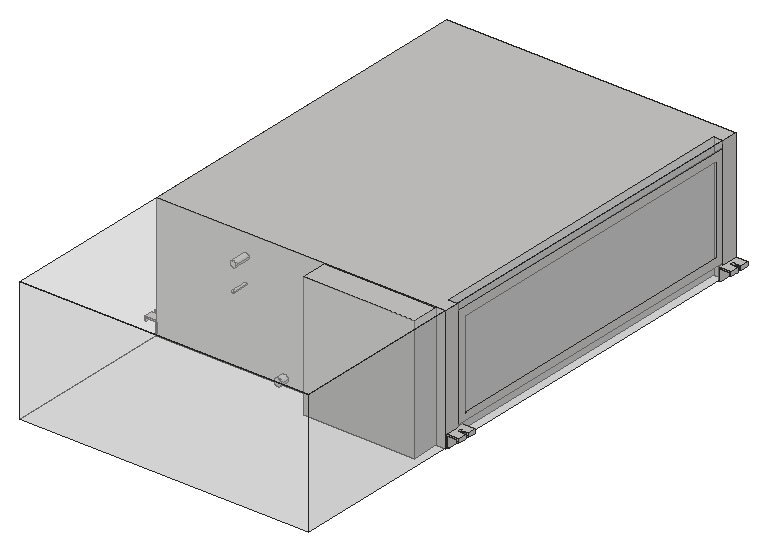
Revit family "outputfile", category 機械設備, Revit 2024
Family settings
  丸型コネクタ寸法 = 半径を使用
  パーツ タイプ = 標準
  OmniClass 番号 = 23.75.10.24.21.27.27
  OmniClass タイトル = Split System Air Conditioning Units
  作業面ベース = いいえ
  常に垂直 = はい
  ロード時にボイドで切り取り = いいえ
  注釈の向きを維持 = いいえ
  共有 = いいえ
  部屋計算ポイント = はい
Parameters (values of type "FXMQ96MFVJU")
  Description = ""
  製造元 = "Daikin"
  書き出し IFC クラス(タイプ) = "IfcUnitaryEquipmentType"
  定義済み IFC タイプ(タイプ) = "AIRCONDITIONINGUNIT"
  Cost = 0
  モデル = "FXMQ96MFVJU"
  Type Comments = ""
  Keynote = ""
  Type Image = (empty or 0)
  Assembly Code = ""
  w_dischargeflange = 1260.0 mm
  w_suctionflange = 1260.0 mm
  r_Liquid Pipe Size = Liquid Pipe Size / 2  # 4.75 mm
  r_Gas Pipe Size = Gas Pipe Size / 2  # 11.1 mm
  r_Drain Pipe Size = Drain Pipe Size / 2  # 13.8 mm
  lw_powersupply = 247.5 mm  # constant formula
  lw_mountinghole_pitch = 1148.0 mm  # constant formula
  lw_mountinghole = if(Depth = 744.0 mm, 29.5 mm, if(Depth = 1380.0 mm, 42.0 mm, 42.0 mm))  # 42.0 mm
  lw_liquidpipe = 760.0 mm  # constant formula
  lw_gaspipe = 760.0 mm  # constant formula
  lw_drainpipe = 613.0 mm  # constant formula
  lh_dischargeflange = 250.0 mm  # constant formula
  lh_powersupply = 20.0 mm  # constant formula
  lh_liquidpipe = 296.0 mm  # constant formula
  lh_gaspipe = 390.0 mm  # constant formula
  lh_drainpipe = 25.0 mm  # constant formula
  lh_suctionflange = 250.0 mm  # constant formula
  lh_antena = Height - lh_mountinghole + 1.0 mm  # 421.0 mm
  ld_dischargeflange = 690.0 mm
  ld_powersupply = 211.5 mm  # constant formula
  ld_mountinghole_pitch = if(Depth = 744.0 mm, 685.0 mm, if(Depth = 1380.0 mm, 1296.0 mm, 1296.0 mm))  # 1296.0 mm
  ld_suctionflange = 690.0 mm
  h_dischargeflange = 390.0 mm  # constant formula
  lh_mountinghole = 50.0 mm  # constant formula
  h_mountinghole = [h***] + lh_mountinghole  # 50.0 mm
  h_suctionflange = 390.0 mm  # constant formula
  h*** = 0.0 mm  # constant formula
  d_dischargeflange = 25.0 mm  # constant formula
  d_pipe = if(Depth = 744.0 mm, 61.0 mm, if(Depth = 1380.0 mm, 60.0 mm, 60.0 mm))  # 60.0 mm
  d_suctionflange = 25.0 mm  # constant formula
  Width = 1100.0 mm
  Voltage_comment_60Hz = "208-230"
  Voltage_60Hz = 208 V
  Version = "ver.1.0"
  Unit Type = "Outdoor Air Processing Unit"
  Unit Mass Weight = 123.00 kg
  Unit Designation [instance] = ""
  Uniclass2015Version = "Products v1.30"
  Uniclass2015Title = "Variable refrigerant flow units"
  Uniclass2015Code = "Pr_70_65_03_94"
  URL = ""
  Total Heating Capacity [instance] = 0.000 kW
  Total Cooling Capacity [instance] = 0.000 kW
  Supply Air Direction [instance] = yes
  Sound Pressure Level_M speed (dBA) = 0
  Sound Pressure Level_L speed (dBA) = 0
  Sound Pressure Level_H speed (dBA) = 48
  Sound Power Level_H speed (dB) = 0
  Series = "VRV Fan Coil Unit"
  Sensible Cooling Capacity [instance] = 0.000 kW
  SA Duct Size Width = 1200.0 mm
  SA Duct Size Height = 330.0 mm
  Refrigerant Type = "R410A"
  Power Input (Heating) = 0.638 kW
  Power Input (Cooling) = 0.638 kW
  Phase_60Hz = 1
  Option Accessory 3 [instance] = ""
  Option Accessory 2 [instance] = ""
  Option Accessory 1 [instance] = ""
  OA Duct Size Width = 1200.0 mm
  OA Duct Size Height = 330.0 mm
  Nominal Heating Capacity = 17.400 kW
  Nominal Cooling Capacity = 28.000 kW
  Minimum External Static Pressure = 0.00 Pa
  Minimum Circuit Amps_60Hz = 4.1 A
  Minimum Airflow = 0.00 m³/h
  Median Airflow = 0.00 m³/h
  Maximum Fuse Amps_60Hz = 15.0 A
  Maximum External Static Pressure = 257.00 Pa
  Maximum Airflow = 2100.00 m³/h
  Material_Casing = DAIKIN_GalvanizedSteel_Casing_indoorunit
  Load Classification = HVAC
  Liquid Pipe Size = 9.5 mm
  Link_Nested Family [instance] = ""
  IfcVersion = "0"
  IfcExportType = "AIRCONDITIONINGUNIT"
  IfcExportAs = "IfcUnitaryEquipmentType"
  Height = 470.0 mm
  Heating Entering Wet Bulb Temperature [instance] = 0.00 °C
  Heating Entering Dry Bulb Temperature [instance] = 0.00 °C
  Heating Ambient Wet Bulb Temperature [instance] = 0.00 °C
  Heating Ambient Dry Bulb Temperature [instance] = 0.00 °C
  Heat Exchanger Type = "Cross Fin Coil"
  Gas Pipe Size = 22.2 mm
  Frequency_60Hz = 60 Hz
  Fan Type = "Sirocco Fan"
  Fan Drive = "Direct Drive"
  FCU Tag No. [instance] = ""
  Drain Pipe Size = 27.6 mm
  Design Supply Airflow [instance] = 0.00 m³/h
  Design Outdoor Airflow [instance] = 0.00 m³/h
  Design External Static Pressure [instance] = 0.00 Pa
  Depth = 1380.0 mm
  既定の高さ = 0.0 mm
  Cooling Entering Wet Bulb Temperature [instance] = 0.00 °C
  Cooling Entering Dry Bulb Temperature [instance] = 0.00 °C
  Cooling Ambient Wet Bulb Temperature [instance] = 0.00 °C
  Cooling Ambient Dry Bulb Temperature [instance] = 0.00 °C
  Clearance visibility [instance] = yes
  Clearance Top = 0.0 mm
  Clearance Right = 0.0 mm
  Clearance Rear = 0.0 mm
  Clearance Left = 0.0 mm
  Clearance Front = 650.0 mm
  Clearance Bottom = 0.0 mm
Reference planes
  plane 1 "Center (Front/Back)": y = 0
  plane 2: z = 0
  plane 3 "Center (Left/Right)": x = 0
  plane 4 "Back": y = 690
  plane 5 "Front": y = -690
  plane 6 "Left": x = -550
  plane 7 "Right": x = 550
  plane 8 "Top": z = 0
  plane 9 "Bottom": z = -470
  plane 10: y = 690
  plane 11: y = -1340
  plane 12: x = 550
  plane 13: x = -550
  plane 14: z = 0
  plane 15: z = -470
  plane 16: y = -792
  plane 17: y = -720
  plane 18: y = -750
  plane 19 "ld_drainpipe": x = -63
  plane 20 "ld_liquidpipe": x = -210
  plane 21 "ld_gaspipe": x = -210
  plane 22 "lh_gaspipe": z = -80
  plane 23 "lh_drainpipe": z = -445
  plane 24 "lh_liquidpipe": z = -174
  plane 25 "h_mountinghole": z = -420
  plane 26 "lh_powersuply": z = -450
  plane 27 "lh_suctionflange": z = -220
  plane 28 "ld_suctionflange": y = 0
  plane 29 "ld_dischargeflange": y = 0
  plane 30 "lh_dischargeflange": z = -220
  plane 31 "control box1": x = 514
  plane 32 "control box2": x = 91
  plane 33: y = -741
  plane 34 "lw_powersupply": x = 302.5
  plane 35: y = 648
  plane 36: y = -648
  plane 37: x = -574
  plane 38: x = 574
  plane 39 "w_suctionflange1": y = 630
  plane 40 "w_suctionflange2": y = -630
Forms (mm)
  Extrusion 1, solid, material "DAIKIN_GalvanizedSteel_Casing_indoorunit" <- "Material_Casing"
    sketch origin (0, 0, 0) x (1, 0, 0) y (0, 0, 1)
      loop
        line (-550, 0) -> (-550, -470) -> (550, -470) -> (550, 0) -> (-550, 0)
    from -690 to 690
  Extrusion 2, solid, material "DAIKIN_GalvanizedSteel_Casing_indoorunit" <- "Material_Casing"
    sketch origin (0, 0, 0) x (1, 0, 0) y (0, 0, 1)
      loop
        line (91, -470) -> (514, -470) -> (514, 0) -> (91, 0) -> (91, -470)
    from 690 to 792
  Extrusion 3, solid, material "DAIKIN_GalvanizedSteel_Casing_indoorunit" <- "Material_Casing"
    sketch origin (0, 0, 0) x (1, 0, 0) y (0, 0, 1)
      loop
        circle (-210, -174) r 4.75
      loop
        circle (-210, -80) r 11.1
    from 690 to 750
  Extrusion 4, solid, material "DAIKIN_GalvanizedSteel_Casing_indoorunit" <- "Material_Casing"
    sketch origin (63, 0, 0) x (1, 0, 0) y (0, 0, 1)
      loop
        circle (-126, -445) r 13.8
    from 690 to 720
  Extrusion 5, void
    sketch origin (0, 0, 0) x (0, 1, 0) y (0, 0, 1)
      loop
        line (-630, 545) -> (-630, -985) -> (630, -985) -> (630, 545) -> (-630, 545)
    from 514 to 550
Cuts and joins
  Extrusion 5 cuts Extrusion 1
Dimensions and locks
  "Height": plane 8 "Top" to plane 9 "Bottom"
  equal spacing: plane 6 "Left", plane 3 "Center (Left/Right)", plane 7 "Right"
  "Width": plane 6 "Left" to plane 7 "Right"
  equal spacing: plane 4 "Back", plane 1 "Center (Front/Back)", plane 5 "Front"
  "Depth": plane 4 "Back" to plane 5 "Front"
  "Clearance Left": plane 13 to plane 6 "Left"
  "Clearance Right": plane 7 "Right" to plane 12
  "Clearance Rear": plane 10 to plane 4 "Back"
  "Clearance Front": plane 5 "Front" to plane 11
  "Clearance Top": plane 14 to plane 8 "Top"
  "Clearance Bottom": plane 9 "Bottom" to plane 15
  locked: plane 5 "Front" to plane 16 at 102
  "d_pipe": plane 5 "Front" to plane 18
  "lw_drainpipe": plane 19 "ld_drainpipe" to plane 7 "Right"
  "lw_liquidpipe": plane 20 "ld_liquidpipe" to plane 7 "Right"
  "lw_gaspipe": plane 21 "ld_gaspipe" to plane 7 "Right"
  "lh_gaspipe": plane 22 "lh_gaspipe" to plane 9 "Bottom"
  "lh_liquidpipe": plane 24 "lh_liquidpipe" to plane 9 "Bottom"
  "lh_drainpipe": plane 23 "lh_drainpipe" to plane 9 "Bottom"
  "lh_mountinghole": plane 25 "h_mountinghole" to plane 9 "Bottom"
  "lh_powersupply": plane 26 "lh_powersuply" to plane 9 "Bottom"
  "lh_suctionflange": plane 27 "lh_suctionflange" to plane 9 "Bottom"
  "ld_suctionflange": plane 28 "ld_suctionflange" to plane 5 "Front"
  "ld_dischargeflange": plane 4 "Back" to plane 29 "ld_dischargeflange"
  "lh_dischargeflange": plane 30 "lh_dischargeflange" to plane 9 "Bottom"
  locked: plane 5 "Front" to plane 17 at 30
  locked: plane 32 "control box2" to plane 31 "control box1" at 423
  locked: plane 31 "control box1" to plane 7 "Right" at 36
  "lw_powersupply": plane 34 "lw_powersupply" to plane 7 "Right"
  equal spacing: plane 37, plane 3 "Center (Left/Right)", plane 38
  "lw_mountinghole_pitch": plane 37 to plane 38
  "lw_mountinghole": plane 36 to plane 5 "Front"
  "ld_mountinghole_pitch": plane 35 to plane 36
  equal spacing: plane 5 "Front", plane 33, plane 16, locked at 51 each
  equal spacing: plane 39 "w_suctionflange1", plane 29 "ld_dischargeflange", plane 40 "w_suctionflange2"
  "w_suctionflange": plane 39 "w_suctionflange1" to plane 40 "w_suctionflange2"
  "r_Liquid Pipe Size": radius of Extrusion 3 sketch curve
  "r_Gas Pipe Size": radius of Extrusion 3 sketch curve
  "r_Drain Pipe Size": radius of Extrusion 4 sketch curve
  aligned and locked: level to plane 2
  aligned and locked: Extrusion 1 sketch curve to plane 8 "Top"
  aligned and locked: Extrusion 1 sketch curve to plane 6 "Left"
  aligned and locked: plane 9 "Bottom" to Extrusion 1 sketch curve
  aligned and locked: Extrusion 1 sketch curve to plane 7 "Right"
  aligned and locked: plane 4 "Back" to Extrusion 1
  aligned and locked: Extrusion 1 to plane 5 "Front"
  aligned and locked: plane 10 to nested 1
  aligned and locked: plane 11 to nested 1
  aligned and locked: plane 12 to nested 1
  aligned and locked: nested 1 to plane 13
  aligned and locked: plane 15 to nested 1
  aligned and locked: plane 14 to nested 1
  aligned and locked: Extrusion 2 to plane 16
  aligned and locked: plane 5 "Front" to Extrusion 2
  aligned and locked: plane 24 "lh_liquidpipe" to Extrusion 3 sketch curve
  aligned and locked: plane 20 "ld_liquidpipe" to Extrusion 3 sketch curve
  aligned and locked: plane 21 "ld_gaspipe" to Extrusion 3 sketch curve
  aligned and locked: plane 22 "lh_gaspipe" to Extrusion 3 sketch curve
  aligned and locked: Extrusion 3 to plane 18
  aligned and locked: plane 5 "Front" to Extrusion 3
  aligned and locked: nested 2 to plane 5 "Front"
  aligned and locked: nested 2 to plane 19 "ld_drainpipe"
  aligned and locked: plane 23 "lh_drainpipe" to nested 2
  aligned and locked: nested 3 to plane 5 "Front"
  aligned and locked: nested 4 to plane 5 "Front"
  aligned and locked: plane 24 "lh_liquidpipe" to nested 3
  aligned and locked: plane 22 "lh_gaspipe" to nested 4
  aligned and locked: plane 25 "h_mountinghole" to nested 5
  aligned and locked: plane 25 "h_mountinghole" to nested 6
  aligned and locked: nested 7 to plane 25 "h_mountinghole"
  aligned and locked: nested 8 to plane 25 "h_mountinghole"
  aligned and locked: nested 13 to plane 26 "lh_powersuply"
  aligned and locked: plane 1 "Center (Front/Back)" to nested 14
  aligned and locked: nested 14 to plane 3 "Center (Left/Right)"
  aligned and locked: nested 15 to plane 29 "ld_dischargeflange"
  aligned and locked: nested 15 to plane 6 "Left"
  aligned and locked: plane 30 "lh_dischargeflange" to nested 15
  aligned and locked: nested 16 to plane 6 "Left"
  aligned and locked: nested 16 to plane 29 "ld_dischargeflange"
  aligned and locked: plane 28 "ld_suctionflange" to nested 17
  aligned and locked: nested 17 to plane 27 "lh_suctionflange"
  aligned and locked: nested 16 to plane 30 "lh_dischargeflange"
  aligned and locked: nested 3 to plane 20 "ld_liquidpipe"
  aligned and locked: nested 4 to plane 21 "ld_gaspipe"
  aligned and locked: Extrusion 2 sketch curve to plane 31 "control box1"
  aligned and locked: Extrusion 2 sketch curve to plane 32 "control box2"
  aligned and locked: Extrusion 2 sketch curve to plane 14
  aligned and locked: Extrusion 2 sketch curve to plane 15
  aligned and locked: plane 19 "ld_drainpipe" to Extrusion 4 sketch curve
  aligned and locked: plane 23 "lh_drainpipe" to Extrusion 4 sketch curve
  aligned and locked: Extrusion 4 to plane 17
  aligned and locked: nested 13 to plane 34 "lw_powersupply"
  aligned and locked: plane 33 to nested 13
  aligned and locked: nested 5 to plane 35
  aligned and locked: plane 35 to nested 7
  aligned and locked: nested 6 to plane 36
  aligned and locked: plane 36 to nested 8
  aligned and locked: nested 18 to plane 1 "Center (Front/Back)"
  aligned and locked: plane 27 "lh_suctionflange" to nested 18
  aligned and locked: Extrusion 5 sketch curve to plane 39 "w_suctionflange1"
  aligned and locked: Extrusion 5 sketch curve to plane 40 "w_suctionflange2"
  aligned and locked: plane 7 "Right" to Extrusion 5
  aligned and locked: plane 7 "Right" to nested 18
  aligned and locked: plane 3 "Center (Left/Right)" to nested 17
  aligned and locked: nested 11 to plane 37
  aligned and locked: nested 12 to plane 38
  aligned and locked: nested 10 to plane 37
  aligned and locked: nested 9 to plane 38
  aligned and locked: nested 5 to plane 6 "Left"
  aligned and locked: nested 7 to plane 7 "Right"
  aligned and locked: nested 8 to plane 7 "Right"
  aligned and locked: nested 9 to plane 36
  aligned and locked: nested 10 to plane 36
  aligned and locked: nested 12 to plane 35
  aligned and locked: nested 11 to plane 35
  aligned and locked: Extrusion 5 to Extrusion 2
  aligned and locked: plane 5 "Front" to Extrusion 4
Automatic sketch dimensions
  level to Extrusion 5 sketch curve = 545.0 mm
  Extrusion 5 sketch curve to plane 9 "Bottom" = 515.0 mm
Nested families
  nested 1: "daikin_clearancespace" at (0, -325, -234.881), visible <- "Clearance visibility", show <- "Clearance visibility", Link_Nested Family <- "Link_Nested Family", type "daikin_clearancespace"
    with width 1100.0 mm, show yes, height 470.0 mm, depth 2030.0 mm, Link_Nested Family ""
  nested 2: "daikin_connector_rotate2" at (-63, -690, -445), radius <- "r_Drain Pipe Size", type "daikin_connector_rotate2"
    with radius 13.8 mm, length 30.0 mm, angle_vertical 90.00°, show_face no
  nested 3: "daikin_connector_rotate2" at (-210, -690, -174), length <- "d_pipe", radius <- "r_Liquid Pipe Size", type "daikin_connector_rotate2"
    with radius 4.75 mm, length 60.0 mm, angle_vertical 90.00°, show_face no
  nested 4: "daikin_connector_rotate2" at (-210, -690, -80), length <- "d_pipe", radius <- "r_Gas Pipe Size", type "daikin_connector_rotate2"
    with radius 11.1 mm, length 60.0 mm, angle_vertical 90.00°, show_face no
  nested 5: "daikin_hangerfixture_FXMQ-MFVJU" at (-550, 648, -420) x (0, -1, 0) z (0, 0, 1), type "daikin_hangerfixture_FXMQ-MFVJU"
    with width 80.0 mm, D 1380.0 mm
  nested 6: "daikin_hangerfixture_FXMQ-MFVJU" at (-550, -648, -420) x (0, -1, 0) z (0, 0, 1), type "daikin_hangerfixture_FXMQ-MFVJU"
    with width 80.0 mm, D 1380.0 mm
  nested 7: "daikin_hangerfixture_FXMQ-MFVJU" at (550, 648, -420) x (0, -1, 0) z (0, 0, 1), type "daikin_hangerfixture_FXMQ-MFVJU"
    with width 80.0 mm, D 1380.0 mm
  nested 8: "daikin_hangerfixture_FXMQ-MFVJU" at (550, -648, -420) x (0, -1, 0) z (0, 0, 1), type "daikin_hangerfixture_FXMQ-MFVJU"
    with width 80.0 mm, D 1380.0 mm
  nested 9: "daikin_mountinghole" at (574, -648, -470), Link_Nested Family <- "Link_Nested Family", l_antenna <- "lh_antena", h_mountinghole <- "h_mountinghole", type "daikin_mountinghole"
    with show yes, l_antenna 421.0 mm, h_mountinghole 50.0 mm, Link_Nested Family ""
  nested 10: "daikin_mountinghole" at (-574, -648, -470), Link_Nested Family <- "Link_Nested Family", l_antenna <- "lh_antena", h_mountinghole <- "h_mountinghole", type "daikin_mountinghole"
    with show yes, l_antenna 421.0 mm, h_mountinghole 50.0 mm, Link_Nested Family ""
  nested 11: "daikin_mountinghole" at (-574, 648, -470), Link_Nested Family <- "Link_Nested Family", l_antenna <- "lh_antena", h_mountinghole <- "h_mountinghole", type "daikin_mountinghole"
    with show yes, l_antenna 421.0 mm, h_mountinghole 50.0 mm, Link_Nested Family ""
  nested 12: "daikin_mountinghole" at (574, 648, -470), Link_Nested Family <- "Link_Nested Family", l_antenna <- "lh_antena", h_mountinghole <- "h_mountinghole", type "daikin_mountinghole"
    with show yes, l_antenna 421.0 mm, h_mountinghole 50.0 mm, Link_Nested Family ""
  nested 13: "daikin_connector_rotate2" at (302.5, -741, -450) x (0, 1, 0) z (0, 0, 1), length <- "ld_powersupply", type "daikin_connector_rotate2"
    with radius 10.0 mm, length 211.5 mm, angle_vertical 90.00°, show_face no
  nested 14: "daikin_△_symbolicline" at (0, 0, 470) x (0, -1, 0) z (0, 0, 1), visible <- "Supply Air Direction", built-in parameter 1001364 <- "Height", type "daikin_△_symbolicline"
    with length 300.0 mm
  nested 15: "daikin_ductflange_FXMQ-MFVJU_1" at (-550, 0, -415) x (0, -1, 0) z (0, 0, 1), material <- "Material_Casing", depth <- "d_dischargeflange", height <- "h_dischargeflange", width <- "w_dischargeflange", type "daikin_ductflange_FXMQ-MFVJU_1"
    with width 1260.0 mm, top1 30.0 mm, right1 30.0 mm, material DAIKIN_GalvanizedSteel_Casing_indoorunit, left1 30.0 mm, height 390.0 mm, depth 25.0 mm, Bottom1 30.0 mm
  nested 16: "daikin_connector_rotate2" at (-550, 0, -220) x (0, -1, 0) z (0, 0, 1), length <- "d_dischargeflange", type "daikin_connector_rotate2"
    with radius 10.0 mm, length 25.0 mm, angle_vertical 90.00°, show_face no
  nested 17: "daikin_connector_rotate2" at (0, 0, -220) x (0, 1, 0) z (0, 0, 1), type "daikin_connector_rotate2"
    with radius 10.0 mm, length 550.0 mm, angle_vertical 90.00°, show_face no
  nested 18: "daikin_ductflange_FXMQ-MFVJU_2" at (549, 0, -415) x (0, 1, 0) z (0, 0, 1), width <- "w_suctionflange", height <- "h_suctionflange", type "daikin_ductflange_FXMQ-MFVJU_2"
    with width 1260.0 mm, height 390.0 mm, depth 1.0 mm
Connectors
  piping at (-210, -750, -174), diameter 9.5, driven by "r_Liquid Pipe Size"
    settings: on nested 3, index 2, connector inside diameter 609.6 mm, connector length 0.0 mm, flow factor 0, pipe flow 0.00 m³/h, pressure drop 0.0 Pa, fitting loss kfactor 0, connector angle 0.00°, fixture units 0, engagement length 0.0 mm, angle of deflection 0.00°, flow configuration 1, flow direction 1, fitting loss method 0, system type 29, joint type 0, gender type 0, connector reference index -1, connector utility 0, adjustable connector no, is connector primary yes, connector description "Refrigerant Liquid Piping"
  piping at (-210, -750, -80), diameter 22.2, driven by "r_Gas Pipe Size"
    settings: on nested 4, index 3, connector inside diameter 609.6 mm, connector length 0.0 mm, flow factor 0, pipe flow 0.00 m³/h, pressure drop 0.0 Pa, fitting loss kfactor 0, connector angle 0.00°, fixture units 0, engagement length 0.0 mm, angle of deflection 0.00°, flow configuration 1, flow direction 2, fitting loss method 0, system type 29, joint type 0, gender type 0, connector reference index -1, connector utility 0, adjustable connector no, is connector primary no, connector description "Refrigerant Gas Piping"
  electrical at (514, -741, -450), driven by "Load Classification"
    settings: on nested 13, index 4, voltage 0 V, apparent load 0 VA, apparent load phase1 0 VA, apparent load phase2 0 VA, apparent load phase3 0 VA, power factor 1, load classification "HVAC", number of poles 1, system type 30, power factor state 1, is connector primary yes, connector utility no, sub classification motor no, connector description "Power Supply"
  hvac at (-575, 0, -220), driven by "SA Duct Size Height", driven by "SA Duct Size Width"
    settings: on nested 15, index 6, duct flow 0.00 m³/h, flow factor 0, pres drop 0.00 Pa, loss coef 0, conn angle 0.00°, conn width 1200.0 mm, conn height 330.0 mm, conn diameter 609.6 mm, duct sys type 1, conn prof type 1, flow config 0, flow direction 2, loss method 4, conn ref index -1, conn util no, is conn primary yes, conn desc "SA Duct"
  piping at (-63, -720, -445), diameter 27.6, driven by "r_Drain Pipe Size"
    settings: on Extrusion 4, index 7, connector inside diameter 609.6 mm, connector length 0.0 mm, flow factor 0, pipe flow 0.00 m³/h, pressure drop 0.0 Pa, fitting loss kfactor 0, connector angle 0.00°, fixture units 0, engagement length 0.0 mm, angle of deflection 0.00°, flow configuration 1, flow direction 2, fitting loss method 4, system type 16, joint type 0, gender type 0, connector reference index -1, connector utility 0, adjustable connector no, is connector primary no, connector description "Condensate Drain Piping"
  hvac at (550, 0, -220), driven by "OA Duct Size Height", driven by "OA Duct Size Width"
    settings: on nested 18, index 8, duct flow 0.00 m³/h, flow factor 0, pres drop 0.00 Pa, loss coef 0, conn angle 0.00°, conn width 1200.0 mm, conn height 330.0 mm, conn diameter 609.6 mm, duct sys type 1, conn prof type 1, flow config 0, flow direction 1, loss method 4, conn ref index -1, conn util no, is conn primary no, conn desc "OA Duct"
Definition of nested family "daikin_clearancespace"
  Parameters (values of type "daikin_clearancespace")
    width [instance] = 1823.963 mm
    show [instance] = yes
    material = none
    height [instance] = 1359.762 mm
    depth [instance] = 880.0 mm
    Default Elevation = 0.0 mm
    Link_Nested Family [instance] = ""
  Reference planes
    plane 1 "Center (Front/Back)": y = 0
    plane 2 "Center (Elevation)": z = -0.119
    plane 3 "Center (Left/Right)": x = 0
    plane 4: y = 440
    plane 5: y = -440
    plane 6 "Right": x = 911.982
    plane 7 "Left": x = -911.982
    plane 8 "Top": z = 679.762
    plane 9 "Bottom": z = -680
  Forms (mm)
    Extrusion 1, solid, material <- "material", visible <- "show"
      sketch origin (0, 0, 0) x (1, 0, 0) y (0, 1, 0)
        loop
          line (-911.982, 440) -> (-911.982, -440) -> (911.982, -440) -> (911.982, 440) -> (-911.982, 440)
      from -680 to 679.762
  Lines and regions (mm)
    symbolic lines, visible <- "show"
      curve 1: line (911.982, 440, 0) -> (-911.982, 440, 0)
      curve 2: line (-911.982, 440, 0) -> (-911.982, -440, 0)
      curve 3: line (-911.982, -440, 0) -> (911.982, -440, 0)
      curve 4: line (911.982, -440, 0) -> (911.982, 440, 0)
      curve 5: line (911.982, 0, 679.762) -> (-911.982, 0, 679.762)
      curve 6: line (911.982, 0, -680) -> (911.982, 0, 679.762)
      curve 7: line (-911.982, 0, -680) -> (911.982, 0, -680)
      curve 8: line (-911.982, 0, 679.762) -> (-911.982, 0, -680)
      curve 9: line (0, 440, 679.762) -> (0, -440, 679.762)
      curve 10: line (0, -440, 679.762) -> (0, -440, -680)
      curve 11: line (0, 440, -680) -> (0, 440, 679.762)
      curve 12: line (0, -440, -680) -> (0, 440, -680)
  Dimensions and locks
    "width": plane 7 "Left" to plane 6 "Right"
    "depth": plane 4 to plane 5
    "height": plane 8 "Top" to plane 9 "Bottom"
    equal spacing: plane 7 "Left", plane 3 "Center (Left/Right)", plane 6 "Right"
    equal spacing: plane 4, plane 1 "Center (Front/Back)", plane 5
    equal spacing: plane 8 "Top", plane 2 "Center (Elevation)", plane 9 "Bottom"
    aligned and locked: level to plane 2 "Center (Elevation)"
    aligned and locked: Extrusion 1 sketch curve to plane 4
    aligned and locked: plane 7 "Left" to Extrusion 1 sketch curve
    aligned and locked: Extrusion 1 sketch curve to plane 5
    aligned and locked: Extrusion 1 sketch curve to plane 6 "Right"
    aligned and locked: plane 8 "Top" to Extrusion 1
    aligned and locked: curve 1 to Extrusion 1
    aligned and locked: curve 2 to Extrusion 1
    aligned and locked: curve 3 to Extrusion 1
    aligned and locked: curve 4 to Extrusion 1
    aligned and locked: curve 5 to Extrusion 1
    aligned and locked: curve 6 to Extrusion 1
    aligned and locked: curve 7 to Extrusion 1
    aligned and locked: curve 8 to Extrusion 1
    aligned and locked: curve 9 to Extrusion 1
    aligned and locked: curve 10 to Extrusion 1
    aligned and locked: curve 11 to Extrusion 1
    aligned and locked: curve 12 to Extrusion 1
    aligned and locked: Extrusion 1 to plane 9 "Bottom"
Definition of nested family "daikin_hangerfixture_FXMQ-MFVJU"
  Parameters (values of type "daikin_hangerfixture_CeilingMountedDuct")
    width = if(D = 744.0 mm, 55.0 mm, if(D = 1380.0 mm, 80.0 mm, 80.0 mm))  # 55.0 mm
    material = none
    height = 50.0 mm
    depth = 47.0 mm
    Default Elevation = 0.0 mm
    D = 744.0 mm
  Reference planes
    plane 1 "Center (Front/Back)": y = 0
    plane 2: z = 0
    plane 3 "Center (Left/Right)": x = 0
    plane 4: y = 417.146
    plane 5: y = -47
    plane 6: x = -27.5
    plane 7: x = 27.5
    plane 8: z = -5
    plane 9: z = -50
    plane 10: y = -5
    plane 11: y = -42
    plane 12: y = -24
    plane 13: z = -15
  Forms (mm)
    Extrusion 1, solid, material <- "material"
      sketch origin (0, 0, 0) x (1, 0, 0) y (0, 1, 0)
        loop
          line (27.5, 0) -> (-27.5, 0) -> (-27.5, -47) -> (-7, -47) -> (-7, -24)
          arc (-7, -24) -> (0, -17) -> (7, -24) r 7
          line (7, -24) -> (7, -47) -> (27.5, -47) -> (27.5, 0)
      from 0 to -5
    Extrusion 2, solid, material <- "material"
      sketch origin (0, 0, 0) x (1, 0, 0) y (0, 0, 1)
        loop
          line (27.5, -40) -> (27.5, 0) -> (-27.5, 0) -> (-27.5, -40)
          arc (-27.5, -40) -> (-24.571, -47.071) -> (-17.5, -50) r 10
          line (-17.5, -50) -> (17.5, -50)
          arc (17.5, -50) -> (24.571, -47.071) -> (27.5, -40) r 10
      from 0 to 5
    Extrusion 3, solid, material <- "material"
      sketch origin (0, 0, 0) x (1, 0, 0) y (0, 0, 1)
        loop
          line (-7, -12) -> (-7, 0) -> (-27.5, 0) -> (-27.5, -12)
          arc (-27.5, -12) -> (-26.621, -14.121) -> (-24.5, -15) r 3
          line (-24.5, -15) -> (-10, -15)
          arc (-10, -15) -> (-7.879, -14.121) -> (-7, -12) r 3
        loop
          line (7, 0) -> (7, -12)
          arc (7, -12) -> (7.879, -14.121) -> (10, -15) r 3
          line (10, -15) -> (24.5, -15)
          arc (24.5, -15) -> (26.621, -14.121) -> (27.5, -12) r 3
          line (27.5, -12) -> (27.5, 0) -> (7, 0)
      from 42 to 47
  Cuts and joins
    joined: Extrusion 1, Extrusion 2, Extrusion 3
  Dimensions and locks
    "width": plane 6 to plane 7
    "depth": plane 5 to plane 1 "Center (Front/Back)"
    locked: plane 2 to plane 8 at 5
    "height": plane 2 to plane 9
    locked: plane 10 to plane 1 "Center (Front/Back)" at 5
    locked: plane 11 to plane 5 at 5
    locked: plane 2 to plane 13 at 15
    equal spacing: plane 6, plane 3 "Center (Left/Right)", plane 7
    plane 12 to plane 1 "Center (Front/Back)" = 24.0 mm
    aligned and locked: level to plane 2
    aligned and locked: Extrusion 1 sketch curve to plane 1 "Center (Front/Back)"
    aligned and locked: plane 7 to Extrusion 1
    aligned and locked: Extrusion 1 to plane 6
    aligned and locked: Extrusion 1 to plane 5  (x2)
    aligned and locked: Extrusion 1 to plane 8
    aligned and locked: plane 2 to Extrusion 1
    aligned and locked: plane 2 to Extrusion 2 sketch curve
    aligned and locked: Extrusion 2 to plane 10
    aligned and locked: Extrusion 2 to plane 1 "Center (Front/Back)"
    aligned and locked: plane 2 to Extrusion 3 sketch curve  (x2)
    aligned and locked: plane 11 to Extrusion 3
    aligned and locked: Extrusion 3 to plane 5
    aligned and locked: plane 9 to Extrusion 2 sketch curve
    aligned and locked: cut or joined group of Extrusion 1, Extrusion 2, Extrusion 3 to plane 13  (x2)
    aligned and locked: plane 3 "Center (Left/Right)" to Extrusion 1 sketch curve
    aligned and locked: cut or joined group of Extrusion 1, Extrusion 2, Extrusion 3 to cut or joined group of Extrusion 1, Extrusion 2, Extrusion 3  (x2)
  Automatic sketch dimensions
    Extrusion 1 sketch curve to plane 6 = 0.0 mm
    Extrusion 1 sketch curve to plane 5 = 0.0 mm  (x2)
    Extrusion 1 sketch curve to plane 7 = 0.0 mm
    Extrusion 1 sketch curve to plane 3 "Center (Left/Right)" = 7.0 mm
    Extrusion 2 sketch curve to plane 7 = 0.0 mm
    Extrusion 2 sketch curve to plane 7 = 10.0 mm
    plane 6 to Extrusion 2 sketch curve = 10.0 mm
    Extrusion 2 sketch curve to plane 6 = 0.0 mm
    Extrusion 3 sketch curve to plane 6 = 0.0 mm
    Extrusion 3 sketch curve to plane 7 = 0.0 mm
    Extrusion 3 sketch curve to Extrusion 3 sketch curve = 3.0 mm  (x3)
    Extrusion 3 sketch curve to plane 8 = 7.0 mm
    Extrusion 3 sketch curve to plane 3 "Center (Left/Right)" = 7.0 mm
    plane 3 "Center (Left/Right)" to Extrusion 3 sketch curve = 7.0 mm
    Extrusion 3 sketch curve to plane 7 = 3.0 mm
    Extrusion 3 sketch curve to plane 8 = 10.0 mm
    Extrusion 1 sketch curve to plane 12 = 0.0 mm
Definition of nested family "daikin_ductflange_FXMQ-MFVJU_1"
  Parameters (values of type "daikin_ductflange_FXMQ-MFV1")
    width [instance] = 670.0 mm
    right1 [instance] = 22.5 mm
    left1 [instance] = 22.5 mm
    Bottom1 [instance] = 25.0 mm
    material [instance] = none
    height [instance] = 272.0 mm
    depth [instance] = 25.0 mm
    top1 [instance] = 25.0 mm
    Default Elevation = 0.0 mm
  Reference planes
    plane 1 "Center (Front/Back)": y = 0
    plane 2: z = 0
    plane 3 "Center (Left/Right)": x = 0
    plane 4: y = -25
    plane 5: x = -335
    plane 6: x = 335
    plane 7 "Top": z = 272
    plane 8: y = -1
    plane 9: x = -312.5
    plane 10: x = 312.5
    plane 11: z = 247
    plane 12: z = 25
    plane 13 "Center (Elevation)": z = 136
  Forms (mm)
    Extrusion 1, solid, material <- "material"
      sketch origin (0, 0, 0) x (1, 0, 0) y (0, 0, 1)
        loop
          line (-335, 272) -> (-335, 0) -> (335, 0) -> (335, 272) -> (-335, 272)
        loop
          line (-312.5, 247) -> (-312.5, 25) -> (312.5, 25) -> (312.5, 247) -> (-312.5, 247)
      from 0 to 1
    Extrusion 2, solid, material <- "material"
      sketch origin (0, 0, 0) x (1, 0, 0) y (0, 1, 0)
        loop
          line (-312.5, -1) -> (-317.5, -1) -> (-317.5, -25) -> (-312.5, -25) -> (-312.5, -1)
        loop
          line (312.5, -1) -> (312.5, -25) -> (317.5, -25) -> (317.5, -1) -> (312.5, -1)
      from 0 to 272
    Extrusion 3, solid, material <- "material"
      sketch origin (0, 0, 0) x (0, 1, 0) y (0, 0, 1)
        loop
          line (-1, 247) -> (-1, 252) -> (-25, 252) -> (-25, 247) -> (-1, 247)
        loop
          line (-1, 25) -> (-25, 25) -> (-25, 20) -> (-1, 20) -> (-1, 25)
      from -312.5 to 312.5
  Cuts and joins
    joined: Extrusion 1, Extrusion 2, Extrusion 3
  Dimensions and locks
    "height": plane 7 "Top" to plane 2
    "width": plane 5 to plane 6
    equal spacing: plane 5, plane 3 "Center (Left/Right)", plane 6
    "depth": plane 1 "Center (Front/Back)" to plane 4
    locked: plane 8 to plane 1 "Center (Front/Back)" at 1
    "left1": plane 5 to plane 9
    "right1": plane 10 to plane 6
    locked: Extrusion 2 sketch curve to Extrusion 2 sketch curve at 5  (x2)
    "top1": plane 7 "Top" to plane 11
    "Bottom1": plane 12 to plane 2
    equal spacing: plane 7 "Top", plane 13 "Center (Elevation)", plane 2
    locked: Extrusion 3 sketch curve to cut or joined group of Extrusion 1, Extrusion 2, Extrusion 3 at 5
    locked: Extrusion 3 sketch curve to Extrusion 3 sketch curve at 5
    aligned and locked: level to plane 2
    aligned and locked: Extrusion 1 sketch curve to plane 7 "Top"
    aligned and locked: plane 5 to Extrusion 1 sketch curve
    aligned and locked: Extrusion 1 sketch curve to plane 6
    aligned and locked: plane 2 to Extrusion 1 sketch curve
    aligned and locked: Extrusion 1 to plane 8
    aligned and locked: Extrusion 2 sketch curve to plane 8
    aligned and locked: Extrusion 2 sketch curve to plane 9
    aligned and locked: plane 8 to Extrusion 2 sketch curve
    aligned and locked: Extrusion 2 sketch curve to plane 10
    aligned and locked: plane 8 to Extrusion 3 sketch curve
    aligned and locked: Extrusion 3 sketch curve to plane 8
    aligned and locked: plane 4 to Extrusion 2 sketch curve
    aligned and locked: Extrusion 2 sketch curve to plane 4
    aligned and locked: plane 4 to Extrusion 3 sketch curve
    aligned and locked: Extrusion 3 sketch curve to plane 4
    aligned and locked: plane 9 to Extrusion 1 sketch curve
    aligned and locked: Extrusion 1 sketch curve to plane 10
    aligned and locked: plane 12 to Extrusion 1 sketch curve
    aligned and locked: Extrusion 1 sketch curve to plane 11
    aligned and locked: plane 10 to cut or joined group of Extrusion 1, Extrusion 2, Extrusion 3
    aligned and locked: cut or joined group of Extrusion 1, Extrusion 2, Extrusion 3 to plane 9
    aligned and locked: plane 7 "Top" to cut or joined group of Extrusion 1, Extrusion 2, Extrusion 3
    aligned and locked: cut or joined group of Extrusion 1, Extrusion 2, Extrusion 3 to plane 2
  Automatic sketch dimensions
    Extrusion 3 sketch curve to plane 11 = 0.0 mm
    Extrusion 3 sketch curve to plane 12 = 0.0 mm
Definition of nested family "daikin_ductflange_FXMQ-MFVJU_2"
  Parameters (values of type "daikin_ductflange_FXDSQ-AVM2")
    width [instance] = 624.0 mm
    material = none
    height [instance] = 390.0 mm
    depth [instance] = 1.0 mm
    Default Elevation = 0.0 mm
  Reference planes
    plane 1 "Center (Front/Back)": y = 0
    plane 2: z = 0
    plane 3 "Center (Left/Right)": x = 0
    plane 4: x = -312
    plane 5: x = 312
    plane 6 "Top": z = 390
    plane 7: y = -1
    plane 8: z = 360
    plane 9: z = 30
    plane 10 "Center (Elevation)": z = 195
    plane 11: x = -282
    plane 12: x = 282
  Forms (mm)
    Extrusion 1, solid, material <- "material"
      sketch origin (0, 0, 0) x (1, 0, 0) y (0, 0, 1)
        loop
          line (-312, 390) -> (-312, 0) -> (312, 0) -> (312, 390) -> (-312, 390)
        loop
          line (-282, 360) -> (-282, 30) -> (282, 30) -> (282, 360) -> (-282, 360)
      from 0 to 1
  Dimensions and locks
    "height": plane 6 "Top" to plane 2
    "width": plane 4 to plane 5
    equal spacing: plane 4, plane 3 "Center (Left/Right)", plane 5
    Extrusion 1 sketch curve to Extrusion 1 sketch curve = 30.0 mm  (x4)
    "depth": plane 7 to plane 1 "Center (Front/Back)"
    locked: plane 6 "Top" to plane 8 at 30
    locked: plane 9 to plane 2 at 30
    equal spacing: plane 6 "Top", plane 10 "Center (Elevation)", plane 2
    locked: plane 11 to plane 4 at 30
    plane 5 to plane 12 = 30.0 mm
    aligned and locked: level to plane 2
    aligned and locked: Extrusion 1 sketch curve to plane 6 "Top"
    aligned and locked: plane 4 to Extrusion 1 sketch curve
    aligned and locked: Extrusion 1 sketch curve to plane 5
    aligned and locked: plane 2 to Extrusion 1 sketch curve
    aligned and locked: plane 11 to Extrusion 1  (x2)
    aligned and locked: Extrusion 1 to plane 12  (x2)
    aligned and locked: Extrusion 1 to plane 8
    aligned and locked: plane 9 to Extrusion 1
Definition of nested family "daikin_connector_rotate2"
  Parameters (values of type "daikin_connector_rotate2")
    show_face = yes
    radius [instance] = 10.0 mm
    length [instance] = 600.0 mm
    d_surface = 10.0 mm
    angle_vertical [instance] = 90.00°
    Default Elevation = 0.0 mm
  Reference planes
    plane 1 "Center (Front/Back)": y = 0
    plane 2: z = 0
    plane 3 "Center (Left/Right)": x = 0
  Forms (mm)
    Extrusion 1, solid, visible <- "show_face"
      sketch origin (0, -600, 0) x (1, 0, 0) y (0, 0, 1)
        loop
          circle (0, 0) r 10
      from 0 to -10
  Lines and regions (mm)
    reference lines
      curve 1: line (0, 0, 0) -> (0, -600, 0)
    symbolic lines
      curve 2: circle (0, 0, 0) r 5 normal (0, 0, 1)
    model lines, visible <- "show_face"
      curve 3: line (0, 0, 0) -> (0, -600, 0)
  Dimensions and locks
    "length": curve 1 to curve 1
    "length": curve 3 to curve 3
    "d_surface": Extrusion 1 to Extrusion 1
    "radius": radius of Extrusion 1 sketch curve
    "angle_vertical": angle curve 1 to plane 1 "Center (Front/Back)"
    "angle_vertical": angle curve 3 to plane 1 "Center (Front/Back)"
    aligned and locked: level to plane 2
    aligned and locked: plane 1 "Center (Front/Back)" to curve 1
    aligned and locked: plane 2 to curve 1
    aligned and locked: plane 1 "Center (Front/Back)" to curve 2
    aligned and locked: plane 3 "Center (Left/Right)" to curve 2
    aligned and locked: plane 1 "Center (Front/Back)" to curve 3
    aligned and locked: plane 2 to curve 3
    aligned and locked: Extrusion 1 to Extrusion 1
  Automatic sketch dimensions
    Extrusion 1 sketch curve to level = 0.0 mm
    Extrusion 1 sketch curve to plane 3 "Center (Left/Right)" = 0.0 mm
    radius of curve 2 = 5.0 mm
Definition of nested family "daikin_mountinghole"
  Parameters (values of type "daikin_mountinghole")
    Default Elevation = 1219.2 mm
    Type Comments = "mountinghole"
    show [instance] = yes
    material = none
    l_centerline = 100.0 mm
    l_antenna [instance] = 100.0 mm
    h_mountinghole [instance] = 0.0 mm
    d_circle = 30.0 mm
    Link_Nested Family [instance] = ""
  Reference planes
    plane 1 "Center (Front/Back)": y = 0
    plane 2: z = 0
    plane 3 "Center (Left/Right)": x = 0
    plane 4: y = 50
    plane 5: x = -50
    plane 6: x = 50
    plane 7: y = -50
    plane 8 "h_mountinghole": z = 0
    plane 9: z = 100
  Lines and regions (mm)
    model lines, detail levels fine
      curve 1: circle (0, 0, 0) r 15 normal (0, 0, 1)
      curve 2: line (-50, 0, 0) -> (50, 0, 0)
      curve 3: line (0, 50, 0) -> (0, -50, 0)
    symbolic lines, detail levels fine
      curve 4: circle (0, 0, 0) r 15 normal (0, 0, 1)
      curve 5: line (-50, 0, 0) -> (50, 0, 0)
      curve 6: line (0, 50, 0) -> (0, -50, 0)
    model lines
      curve 7: line (0, 0, 100) -> (0, 0, 0)
  Dimensions and locks
    equal spacing: plane 4, plane 1 "Center (Front/Back)", plane 7
    "l_centerline": plane 4 to plane 7
    equal spacing: plane 5, plane 3 "Center (Left/Right)", plane 6
    "l_centerline": plane 5 to plane 6
    "l_antenna": plane 9 to plane 8 "h_mountinghole"
    "h_mountinghole": plane 8 "h_mountinghole" to plane 2
    "d_circle": diameter of curve 1
    "d_circle": diameter of curve 4
    aligned and locked: level to plane 2
    aligned and locked: plane 1 "Center (Front/Back)" to curve 1
    aligned and locked: plane 3 "Center (Left/Right)" to curve 1
    aligned and locked: plane 1 "Center (Front/Back)" to curve 2
    aligned and locked: curve 3 to plane 3 "Center (Left/Right)"
    aligned and locked: plane 6 to curve 2
    aligned and locked: plane 5 to curve 2
    aligned and locked: plane 4 to curve 3
    aligned and locked: plane 7 to curve 3
    aligned and locked: plane 1 "Center (Front/Back)" to curve 4
    aligned and locked: plane 3 "Center (Left/Right)" to curve 4
    aligned and locked: plane 6 to curve 5
    aligned and locked: plane 5 to curve 5
    aligned and locked: plane 1 "Center (Front/Back)" to curve 5
    aligned and locked: plane 4 to curve 6
    aligned and locked: plane 7 to curve 6
    aligned and locked: curve 6 to plane 3 "Center (Left/Right)"
    aligned and locked: curve 7 to plane 3 "Center (Left/Right)"
    aligned and locked: plane 9 to curve 7
    aligned and locked: plane 8 "h_mountinghole" to curve 7
Definition of nested family "daikin_△_symbolicline"
  Parameters (values of type "daikin_△_symbolicline")
    length [instance] = 500.0 mm
    Default Elevation = 0.0 mm
  Reference planes
    plane 1 "Center (Front/Back)": y = 0
    plane 2: z = 0
    plane 3 "Center (Left/Right)": x = 0
  Lines and regions (mm)
    symbolic lines
      curve 1: line (0, -433.013, 0) -> (250, 0, 0)
      curve 2: line (250, 0, 0) -> (-250, 0, 0)
      curve 3: line (-250, 0, 0) -> (0, -433.013, 0)
  Dimensions and locks
    equal spacing: curve 3, plane 3 "Center (Left/Right)", curve 2
    "length": curve 3 to curve 2
    "length": curve 3 to curve 3
    "length": curve 1 to curve 1
    aligned and locked: level to plane 2
    aligned and locked: curve 2 to plane 1 "Center (Front/Back)"
    aligned and locked: plane 3 "Center (Left/Right)" to curve 3
